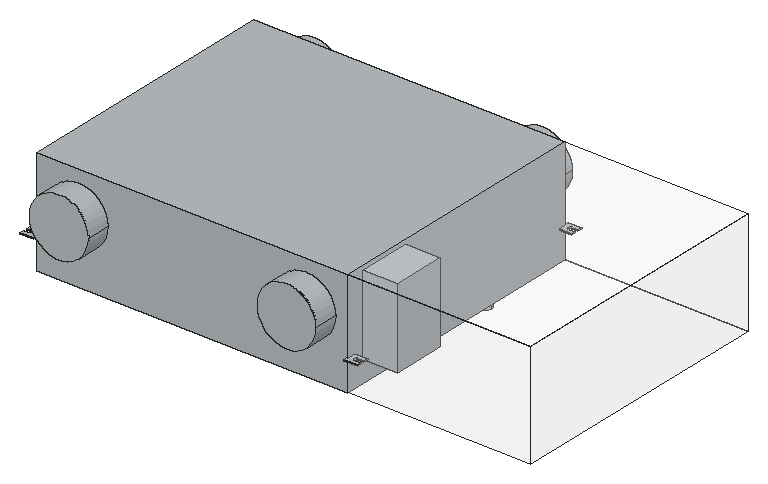
Revit family "lky-50rx_50Hz", category 機械設備, Revit 2019
Family settings
  丸型コネクタ寸法 = 直径を使用
  パーツ タイプ = 標準
  OmniClass 番号 = 23.75.10.34.21
  OmniClass タイトル = Heat Exchangers for Ventilation Air
  作業面ベース = いいえ
  常に垂直 = はい
  ロード時にボイドで切り取り = いいえ
  共有 = いいえ
  部屋計算ポイント = はい
Parameters (values of type "LKY-50RX")
  騒音レベル(dB(A)) = 46
  風量 = 500.0 m³/h
  面風速 = 4.42 m/s
  電源種別 [instance] = "一般"
  電圧 = 100 V
  電動機出力 = 0 W
  集中コントローラ = ""
  運転質量 = 0.00 kg
  連動 [instance] = ""
  質量 = if(製品質量 > 運転質量, 製品質量, 運転質量) * 1.2  # 55.20 kg
  負荷分類 = 3_ファン類
  説明 = "局所用ロスナイ 天井埋込形"
  設計風量 = 0.0 m³/h
  設置方法 = "天井吊(隠ぺい)形"
  記号 [instance] = ""
  製造元 = "MITSIBISHI ELECTRIC"
  製品質量 = 46.00 kg
  製品出荷対象 = "国内"
  製品リリース年月 = "2016/5/20"
  製品グループ = ""
  系統 [instance] = ""
  符号 = "HEU"
  積算_科目 = "1 空気調和設備"
  積算_拾い区分 [instance] = ""
  相 = 1
  盤記号 [instance] = ""
  発停方法 [instance] = "別売リモコン"
  特殊仕様 [instance] = ""
  点検口高さ = -Height  # -346 mm
  点検口離隔 = 150 mm
  点検口_Depth = 450 mm
  点検口 = yes
  火災停止 [instance] = ""
  温度交換効率 = 74.00%
  消費電力 = 267 W
  法定耐用年数 = "15"
  機外静圧_排気 = 140.0 Pa
  機外静圧 = 140.0 Pa
  極数 = 2
  材質 [instance] = ""
  本体マテリアル = 溶融亜鉛めっき鋼板
  操作・制御方式 = ""
  操作・制御スイッチ = ""
  排気量 = 0.0 m³/h
  形式 = "天井埋込ダクト形"
  幹線記号 [instance] = ""
  対象室 [instance] = ""
  実風量 = 0.0 m³/h
  始動方式 [instance] = "直入"
  天吊金具_径 = 6.5 mm
  天吊金具_幅 = 20 mm
  外気量 = 0.0 m³/h
  呼称 = "全熱交換ユニット"
  周波数 = 50 Hz
  天吊金具ピッチ2 = 875 mm
  天吊金具ピッチ1 = 1063 mm
  天吊金具_高さ = 243 mm
  参照している仕様書等のバージョン = ""
  初期抵抗 = 0.0 Pa
  分類コード = "50052504100070"
  分類グループ = ""
  価格 = 372000
  企業コード = "108420"
  付属品_フィルター_還気 = ""
  付属品_フィルター = ""
  付属品 [instance] = ""
  仕様書バージョン = "Version1.0"
  モデル = "LKY-50RX"
  メンテナンススペース = yes
  ドレン管径 = 32 mm
  ドレン管_W = 52 mm
  ドレン管_Height = 44 mm
  ドレン管_D = 254 mm
  コメント [instance] = ""
  Keynote = ""
  エンタルピ交換効率_暖房 = 0.00%
  エンタルピ交換効率_冷房 = 0.00%
  Assembly Code = ""
  Width = 1016 mm
  Version = ""
  Uniclass2015Version = "Systems v1.9"
  Uniclass2015Title = "Thermal wheels"
  Uniclass2015Code = "Pr_60_60_36_88"
  URL = "https://www.mitsubishielectric.co.jp/ldg/wink/ssl/displayProduct.do?pid=266992"
  SpecificationReference = ""
  SpecificationDescription = ""
  Sensor_Width = 50 mm
  Sensor_W = 40 mm
  Sensor_Height = 80 mm
  Sensor_H = 20 mm
  Sensor_Depth = 184 mm
  SAサイズ_D = 192 mm
  Revision = ""
  RAサイズ_D = 192 mm
  ProductInformation = ""
  OmniClassCode = "23-27 23 19 11"
  OAダクト接続口方向_標準 = yes
  OAダクト接続口方向_変更 = not(OAダクト接続口方向_標準)  # no
  OAサイズ_W = 0 mm
  OAサイズ_D = 192 mm
  MIN風量 = 350.0 m³/h
  MIN静圧 = 65.0 Pa
  MID風量 = 500.0 m³/h
  MID静圧 = 120.0 Pa
  MAX風量 = 500.0 m³/h
  MAX静圧 = 140.0 Pa
  IfcTypeProduct = ""
  IfcProduct = ""
  IfcExportType = "ROTARYWHEEL"
  IfcExportAs = "IfcAirToAirHeatRecoveryType"
  Height = 346 mm
  EAダクト接続口方向_変更 = not(EAダクト接続口方向_標準)  # no
  EAダクト接続口方向_標準 = yes
  EAサイズ_W = 0 mm
  EAサイズ_D = 192 mm
  Duct_Pitch = 745 mm
  Duct_Height = 135 mm
  Duct_Depth = 79 mm
  Duct_Change_Center = 124 mm
  Depth = 888 mm
  Clearance Top = Height  # 346 mm
  Clearance Left = 600 mm
  Box_Width = 115 mm
  Box_Height = 262 mm
  Box_H = 12 mm
  Box_Depth = 172 mm
  Box_D = 60 mm
  Author = "MITSUBISHI ELECTRIC"
Reference planes
  plane 1 "中心(正面/背面)": y = 0
  plane 2: z = 0
  plane 3 "中心(左/右)": x = 0
  plane 4: x = -508
  plane 5: x = 508
  plane 6: y = 444
  plane 7: y = -444
  plane 8: z = -346
  plane 9: z = -135
  plane 10: x = -372.5
  plane 11: x = 372.5
  plane 12: y = -523
  plane 13: y = 523
  plane 14: y = 320
  plane 15: x = -587
  plane 16: x = 587
  plane 17: y = -384
  plane 18: y = -212
  plane 19: z = -12
  plane 20: z = -274
  plane 21: x = -531.5
  plane 22: x = 531.5
  plane 23: y = 437.5
  plane 24: y = -437.5
  plane 25: x = -551.5
  plane 26: y = 457.5
  plane 27: y = 417.5
  plane 28: y = -417.5
  plane 29: y = -457.5
  plane 30: z = -5
  plane 31: z = -243
  plane 32: z = -246
  plane 33: x = 551.5
  plane 34: x = 623
  plane 35: x = 1108
  plane 36: x = 658
  plane 37: y = 225
  plane 38: y = -225
  plane 39: x = 456
  plane 40: y = 190
  plane 41: z = -390
Forms (mm)
  Extrusion 1, solid, material "溶融亜鉛めっき鋼板" <- "本体マテリアル", detail levels fine
    sketch origin (0, 0, 0) x (1, 0, 0) y (0, 1, 0)
      loop
        line (-508, 444) -> (-508, -444) -> (508, -444) -> (508, 444) -> (-508, 444)
    from 0 to -346
  Extrusion 2, solid, material "溶融亜鉛めっき鋼板" <- "本体マテリアル", detail levels fine
    sketch origin (510, -445, 0) x (-1, 0, 0) y (0, 0, -1)
      loop
        circle (137.5, 135) r 96
    from -1 to 78
  Extrusion 3, solid, material "溶融亜鉛めっき鋼板" <- "本体マテリアル", detail levels fine
    sketch origin (-508, -444, 0) x (0, 1, 0) y (0, 0, -1)
      loop
        line (232, 12) -> (232, 274) -> (60, 274) -> (60, 12) -> (232, 12)
    from -1131 to -1016
  Extrusion 4, solid, material "溶融亜鉛めっき鋼板" <- "本体マテリアル", detail levels fine
    sketch origin (0, 0, 0) x (1, 0, 0) y (0, 1, 0)
      loop
        line (-551.5, 457.5) -> (-551.5, 444) -> (-531.5, 444)
        arc (-531.5, 444) -> (-525, 437.5) -> (-531.5, 431) r 6.5
        line (-531.5, 431) -> (-551.5, 431) -> (-551.5, 417.5) -> (-508, 417.5) -> (-508, 457.5) -> (-551.5, 457.5)
    from -243 to -246
  Extrusion 5, solid, material "溶融亜鉛めっき鋼板" <- "本体マテリアル", detail levels fine
    sketch origin (0, 0, 0) x (1, 0, 0) y (0, 1, 0)
      loop
        line (-551.5, -457.5) -> (-508, -457.5) -> (-508, -417.5) -> (-551.5, -417.5) -> (-551.5, -431) -> (-531.5, -431)
        arc (-531.5, -431) -> (-525, -437.5) -> (-531.5, -444) r 6.5
        line (-531.5, -444) -> (-551.5, -444) -> (-551.5, -457.5)
    from -243 to -246
  Extrusion 6, solid, material "溶融亜鉛めっき鋼板" <- "本体マテリアル", detail levels fine
    sketch origin (0, 0, 0) x (-1, 0, 0) y (0, -1, 0)
      loop
        line (-551.5, 457.5) -> (-551.5, 444) -> (-531.5, 444)
        arc (-531.5, 444) -> (-525, 437.5) -> (-531.5, 431) r 6.5
        line (-531.5, 431) -> (-551.5, 431) -> (-551.5, 417.5) -> (-508, 417.5) -> (-508, 457.5) -> (-551.5, 457.5)
    from -243 to -246
  Extrusion 7, solid, material "溶融亜鉛めっき鋼板" <- "本体マテリアル", detail levels fine
    sketch origin (0, 0, 0) x (-1, 0, 0) y (0, -1, 0)
      loop
        line (-551.5, -457.5) -> (-508, -457.5) -> (-508, -417.5) -> (-551.5, -417.5) -> (-551.5, -431) -> (-531.5, -431)
        arc (-531.5, -431) -> (-525, -437.5) -> (-531.5, -444) r 6.5
        line (-531.5, -444) -> (-551.5, -444) -> (-551.5, -457.5)
    from -243 to -246
  Extrusion 8, solid, material "溶融亜鉛めっき鋼板" <- "本体マテリアル", visible <- "OAダクト接続口方向_標準", detail levels fine
    sketch origin (510, 445, 0) x (-1, 0, 0) y (0, 0, 1)
      loop
        circle (137.5, -135) r 96
    from -1 to 78
  Extrusion 9, solid, material "溶融亜鉛めっき鋼板" <- "本体マテリアル", visible <- "EAダクト接続口方向_標準", detail levels fine
    sketch origin (-510, 445, 0) x (1, 0, 0) y (0, 0, -1)
      loop
        circle (137.5, 135) r 96
    from -1 to 78
  Extrusion 10, solid, material "溶融亜鉛めっき鋼板" <- "本体マテリアル", detail levels fine
    sketch origin (-510, -445, 0) x (1, 0, 0) y (0, 0, 1)
      loop
        circle (137.5, -135) r 96
    from -1 to 78
  Extrusion 11, solid, material "溶融亜鉛めっき鋼板" <- "本体マテリアル", visible <- "OAダクト接続口方向_変更", detail levels fine
    sketch origin (0, 0, 0) x (0, 1, 0) y (0, 0, 1)
      loop
        circle (320, -135) r 96
    from 508 to 587
  Extrusion 12, solid, material "溶融亜鉛めっき鋼板" <- "本体マテリアル", visible <- "EAダクト接続口方向_変更", detail levels fine
    sketch origin (0, 0, 0) x (0, 1, 0) y (0, 0, -1)
      loop
        circle (320, 135) r 96
    from 508 to 587
  Extrusion 13, solid, material "溶融亜鉛めっき鋼板"
    sketch origin (0, 0, 0) x (1, 0, 0) y (0, 1, 0)
      loop
        circle (456, 190) r 16
    from -390 to -346
Lines and regions (mm)
  Masking region 1, detail levels coarse+medium
    outline origin (1326.5, 29, 0) x (1, 0, 0) y (0, 1, 0)
      loop
        line (-1834.5, 415) -> (-1834.5, -473) -> (-818.5, -473) -> (-818.5, 415) -> (-1834.5, 415)
  symbolic lines, detail levels coarse+medium
    curve 1: line (0, 444, 0) -> (-508, 0, 0)
    curve 2: line (-508, 0, 0) -> (0, -444, 0)
    curve 3: line (0, -444, 0) -> (508, 0, 0)
    curve 4: line (508, 0, 0) -> (0, 444, 0)
Dimensions and locks
  equal spacing: plane 4, plane 3 "中心(左/右)", plane 5
  "Width": plane 4 to plane 5
  equal spacing: plane 6, plane 1 "中心(正面/背面)", plane 7
  "Depth": plane 6 to plane 7
  "Height": level to plane 8
  "Duct_Height": level to plane 9
  equal spacing: plane 11, plane 3 "中心(左/右)", plane 10
  "Duct_Pitch": plane 11 to plane 10
  "Duct_Depth": plane 13 to plane 6
  "Duct_Depth": plane 7 to plane 12
  "Duct_Change_Center": plane 6 to plane 14
  "Duct_Depth": plane 5 to plane 16
  "Duct_Depth": plane 15 to plane 4
  "Clearance Top": nested 1 to plane 8
  "Box_H": level to plane 19
  "Box_Height": plane 19 to plane 20
  "Box_D": plane 17 to plane 7
  "Box_Depth": plane 18 to plane 17
  equal spacing: plane 21, plane 3 "中心(左/右)", plane 22
  "天吊金具ピッチ1": plane 21 to plane 22
  equal spacing: plane 23, plane 1 "中心(正面/背面)", plane 24
  "天吊金具ピッチ2": plane 23 to plane 24
  equal spacing: plane 26, plane 23, plane 27
  locked: plane 26 to plane 27 at 40
  "天吊金具_幅": plane 25 to plane 21
  "天吊金具_高さ": level to plane 31
  locked: plane 31 to plane 32 at 3
  equal spacing: plane 28, plane 24, plane 29
  locked: plane 28 to plane 29 at 40
  "天吊金具_幅": plane 22 to plane 33
  "Box_Width": plane 5 to plane 34
  "Clearance Left": plane 5 to plane 35
  "点検口離隔": plane 5 to plane 36
  plane 37 to plane 38 = 450 mm
  "点検口_Depth": plane 37 to plane 38
  "ドレン管_W": plane 39 to plane 5
  "天吊金具_径": Extrusion 4 sketch curve to plane 23
  "天吊金具_径": Extrusion 7 sketch curve to plane 23
  "天吊金具_径": plane 24 to Extrusion 6 sketch curve
  "天吊金具_径": Extrusion 5 sketch curve to plane 24
  "ドレン管_Height": plane 8 to plane 41
  "ドレン管_D": plane 6 to plane 40
  "RAサイズ_D": diameter of Extrusion 2 sketch curve
  "天吊金具_径": radius of Extrusion 5 sketch curve
  "天吊金具_径": radius of Extrusion 6 sketch curve
  "OAサイズ_D": diameter of Extrusion 8 sketch curve
  "EAサイズ_D": diameter of Extrusion 9 sketch curve
  "SAサイズ_D": diameter of Extrusion 10 sketch curve
  "OAサイズ_D": diameter of Extrusion 11 sketch curve
  "EAサイズ_D": diameter of Extrusion 12 sketch curve
  "ドレン管径": diameter of Extrusion 13 sketch curve
  "天吊金具_径": radius of Extrusion 4 sketch curve
  "天吊金具_径": radius of Extrusion 7 sketch curve
  aligned and locked: level to plane 2
  aligned and locked: Extrusion 1 to plane 8
  aligned and locked: plane 7 to Extrusion 2
  aligned and locked: Extrusion 2 to plane 12
  aligned and locked: nested 1 to plane 6
  aligned and locked: nested 1 to plane 7
  aligned and locked: plane 2 to nested 1
  aligned and locked: nested 1 to plane 8
  aligned and locked: Masking region 1 to plane 4
  aligned and locked: plane 5 to Masking region 1
  aligned and locked: plane 6 to Masking region 1
  aligned and locked: Masking region 1 to plane 7
  aligned and locked: plane 22 to nested 2
  aligned and locked: plane 21 to nested 2
  aligned and locked: nested 2 to plane 24
  aligned and locked: plane 23 to nested 2
  aligned and locked: Extrusion 3 to plane 18
  aligned and locked: Extrusion 3 to plane 20
  aligned and locked: plane 19 to Extrusion 3
  aligned and locked: plane 17 to Extrusion 3
  aligned and locked: plane 4 to Extrusion 4
  aligned and locked: Extrusion 4 to plane 25  (x2)
  aligned and locked: plane 26 to Extrusion 4
  aligned and locked: Extrusion 4 to plane 31
  aligned and locked: Extrusion 4 to plane 32
  aligned and locked: plane 4 to Extrusion 5
  aligned and locked: plane 28 to Extrusion 5
  aligned and locked: Extrusion 5 to plane 29
  aligned and locked: Extrusion 5 to plane 25  (x2)
  aligned and locked: Extrusion 5 to Extrusion 4  (x2)
  aligned and locked: Extrusion 7 to plane 33  (x2)
  aligned and locked: Extrusion 7 to plane 27
  aligned and locked: plane 26 to Extrusion 7
  aligned and locked: Extrusion 6 to plane 33
  aligned and locked: Extrusion 6 to plane 29
  aligned and locked: Extrusion 6 to plane 5
  aligned and locked: plane 28 to Extrusion 6
  aligned and locked: Extrusion 6 to plane 32
  aligned and locked: plane 31 to Extrusion 6
  aligned and locked: Extrusion 7 to plane 32
  aligned and locked: plane 31 to Extrusion 7
  aligned and locked: plane 13 to Extrusion 8
  aligned and locked: Extrusion 8 to plane 6
  aligned and locked: plane 13 to Extrusion 9
  aligned and locked: Extrusion 9 to plane 6
  aligned and locked: Extrusion 10 to plane 12
  aligned and locked: plane 7 to Extrusion 10
  aligned and locked: plane 16 to Extrusion 11
  aligned and locked: Extrusion 11 to plane 5
  aligned and locked: plane 4 to Extrusion 12
  aligned and locked: Extrusion 12 to plane 15
  aligned and locked: Extrusion 3 to plane 34
  aligned and locked: Extrusion 3 to plane 5
  aligned and locked: nested 3 to plane 35
  aligned and locked: nested 3 to plane 36
  aligned and locked: nested 3 to plane 38
  aligned and locked: plane 37 to nested 3
  aligned and locked: nested 1 to plane 35
  aligned and locked: plane 5 to nested 1
  aligned and locked: Extrusion 13 to plane 41
  aligned and locked: Extrusion 13 to Extrusion 1
  aligned and locked: Extrusion 1 to plane 4
Automatic sketch dimensions
  Extrusion 2 sketch curve to plane 9 = 0 mm
  Extrusion 2 sketch curve to plane 11 = 0 mm
  Extrusion 8 sketch curve to plane 9 = 0 mm
  Extrusion 8 sketch curve to plane 11 = 0 mm
  Extrusion 9 sketch curve to plane 9 = 0 mm
  Extrusion 9 sketch curve to plane 10 = 0 mm
  Extrusion 10 sketch curve to plane 9 = 0 mm
  Extrusion 10 sketch curve to plane 10 = 0 mm
  Extrusion 11 sketch curve to plane 9 = 0 mm
  Extrusion 11 sketch curve to plane 14 = 0 mm
  Extrusion 12 sketch curve to plane 9 = 0 mm
  Extrusion 12 sketch curve to plane 14 = 0 mm
  plane 1 "中心(正面/背面)" to curve 1 = 0 mm
  curve 1 to plane 4 = 0 mm
  curve 2 to plane 3 "中心(左/右)" = 0 mm
  curve 4 to plane 3 "中心(左/右)" = 0 mm
  plane 1 "中心(正面/背面)" to curve 4 = 0 mm
  curve 4 to plane 5 = 0 mm
  curve 2 to plane 7 = 0 mm
  curve 4 to plane 6 = 0 mm
  plane 4 to Extrusion 1 sketch curve = 0 mm
  Extrusion 1 sketch curve to plane 5 = 0 mm
  Extrusion 1 sketch curve to plane 7 = 0 mm
  Extrusion 1 sketch curve to plane 6 = 0 mm
  Extrusion 1 to Extrusion 3 sketch curve = 12 mm
  Extrusion 3 sketch curve to Extrusion 1 = 60 mm
  Extrusion 1 to Extrusion 3 sketch curve = 72 mm
  Extrusion 3 sketch curve to Extrusion 3 sketch curve = 172 mm
  Masking region 1 sketch curve to plane 4 = 0 mm
  Masking region 1 sketch curve to plane 5 = 0 mm
  Masking region 1 sketch curve to plane 7 = 0 mm
  Masking region 1 sketch curve to plane 6 = 0 mm
  Extrusion 4 sketch curve to plane 25 = 0 mm  (x2)
  Extrusion 4 sketch curve to plane 21 = 0 mm
  Extrusion 4 sketch curve to plane 4 = 0 mm
  Extrusion 4 sketch curve to plane 27 = 0 mm
  Extrusion 4 sketch curve to plane 26 = 0 mm
  Extrusion 5 sketch curve to plane 25 = 0 mm  (x2)
  Extrusion 5 sketch curve to plane 21 = 0 mm
  Extrusion 5 sketch curve to plane 4 = 0 mm
  Extrusion 5 sketch curve to plane 28 = 0 mm
  Extrusion 5 sketch curve to plane 29 = 0 mm
  Extrusion 6 sketch curve to plane 29 = 0 mm
  Extrusion 6 sketch curve to plane 33 = 0 mm  (x2)
  Extrusion 6 sketch curve to plane 22 = 0 mm
  Extrusion 6 sketch curve to plane 5 = 0 mm
  Extrusion 6 sketch curve to plane 28 = 0 mm
  Extrusion 7 sketch curve to plane 26 = 0 mm
  Extrusion 7 sketch curve to plane 33 = 0 mm  (x2)
  Extrusion 7 sketch curve to plane 22 = 0 mm
  Extrusion 7 sketch curve to plane 5 = 0 mm
  Extrusion 7 sketch curve to plane 27 = 0 mm
  Extrusion 13 sketch curve to plane 39 = 0 mm
  Extrusion 13 sketch curve to plane 40 = 0 mm
Nested families
  nested 1: "メンテナンススペース" at (808, 0, -173), visible <- "メンテナンススペース", type "メンテナンススペース"
    with Width 600 mm, Height 346 mm, Depth 888 mm
  nested 2: "固定点" at (-531.5, -437.5, 0), type "固定点"
    with W 1063 mm, D 875 mm
  nested 3: "点検口設置範囲" at (883, 0, -346), built-in parameter 1001364 <- "点検口高さ", visible <- "点検口", type "点検口設置範囲"
    with Width 450 mm, Depth 450 mm
Connectors
  hvac at (372.5, -523, -135), driven by "RAサイズ_D", driven by "機外静圧", driven by "風量"
    settings: on Extrusion 2, index 2, duct flow 500.0 m³/h, flow factor 0, pres drop 140.0 Pa, loss coef 0, conn angle 0.00°, conn width 304.8 mm, conn height 304.8 mm, conn diameter 192 mm, duct sys type 1, conn prof type 0, flow config 0, flow direction 2, loss method 4, conn ref index -1, conn util no, is conn primary yes, conn desc ""
  electrical at (565.5, -384, -143), driven by "負荷分類", driven by "相", driven by "電圧", driven by "消費電力"
    settings: on Extrusion 3, index 7, voltage 100 V, apparent load 267 VA, apparent load phase1 0 VA, apparent load phase2 0 VA, apparent load phase3 0 VA, power factor 1, load classification "3_ファン類", number of poles 1, system type 30, power factor state 1, is connector primary yes, connector utility no, sub classification motor no, connector description ""
  hvac at (372.5, 523, -135), driven by "EAサイズ_D", driven by "排気量", driven by "機外静圧_排気"
    settings: on Extrusion 8, index 8, duct flow 0.0 m³/h, flow factor 0, pres drop 140.0 Pa, loss coef 0, conn angle 0.00°, conn width 304.8 mm, conn height 304.8 mm, conn diameter 192 mm, duct sys type 4, conn prof type 0, flow config 0, flow direction 1, loss method 4, conn ref index -1, conn util no, is conn primary no, conn desc ""
  hvac at (-372.5, 523, -135), driven by "OAサイズ_D", driven by "外気量", driven by "機外静圧"
    settings: on Extrusion 9, index 9, duct flow 0.0 m³/h, flow factor 0, pres drop 140.0 Pa, loss coef 0, conn angle 0.00°, conn width 304.8 mm, conn height 304.8 mm, conn diameter 192 mm, duct sys type 3, conn prof type 0, flow config 0, flow direction 2, loss method 4, conn ref index -1, conn util no, is conn primary no, conn desc ""
  hvac at (-372.5, -523, -135), driven by "SAサイズ_D", driven by "風量", driven by "機外静圧"
    settings: on Extrusion 10, index 10, duct flow 500.0 m³/h, flow factor 0, pres drop 140.0 Pa, loss coef 0, conn angle 0.00°, conn width 304.8 mm, conn height 304.8 mm, conn diameter 192 mm, duct sys type 2, conn prof type 0, flow config 0, flow direction 1, loss method 4, conn ref index -1, conn util no, is conn primary no, conn desc ""
  hvac at (587, 320, -135), driven by "EAサイズ_D", driven by "機外静圧_排気", driven by "排気量"
    settings: on Extrusion 11, index 11, duct flow 0.0 m³/h, flow factor 0, pres drop 140.0 Pa, loss coef 0, conn angle 0.00°, conn width 304.8 mm, conn height 304.8 mm, conn diameter 192 mm, duct sys type 4, conn prof type 0, flow config 0, flow direction 1, loss method 4, conn ref index -1, conn util no, is conn primary no, conn desc ""
  hvac at (-587, 320, -135), driven by "EAサイズ_D", driven by "機外静圧", driven by "外気量"
    settings: on Extrusion 12, index 12, duct flow 0.0 m³/h, flow factor 0, pres drop 140.0 Pa, loss coef 0, conn angle 0.00°, conn width 304.8 mm, conn height 304.8 mm, conn diameter 192 mm, duct sys type 3, conn prof type 0, flow config 0, flow direction 2, loss method 4, conn ref index -1, conn util no, is conn primary no, conn desc ""
  piping at (456, 190, -390), diameter 32, driven by "ドレン管径"
    settings: on Extrusion 13, index 13, connector inside diameter 609.6 mm, connector length 0 mm, flow factor 0, pipe flow 0.0 L/s, pressure drop 0.0 Pa, fitting loss kfactor 0, connector angle 0.00°, fixture units 0, engagement length 0 mm, angle of deflection 0.00°, flow configuration 0, flow direction 2, fitting loss method 4, system type 16, joint type 0, gender type 0, connector reference index -1, connector utility 0, adjustable connector no, is connector primary yes, connector description ""
Definition of nested family "メンテナンススペース"
  Parameters (values of type "メンテナンススペース")
    Width [instance] = 500 mm
    Height [instance] = 500 mm
    Depth [instance] = 500 mm
  Reference planes
    plane 1 "中心(正面/背面)": y = 0
    plane 2: z = 0
    plane 3 "中心(左/右)": x = 0
    plane 4: y = -250
    plane 5: x = 250
    plane 6: y = 250
    plane 7: x = -250
    plane 8: z = 250
    plane 9: z = -250
  Forms (mm)
    Extrusion 1, solid
      sketch origin (-638.939, 0, 72.39) x (1, 0, 0) y (0, 1, 0)
        loop
          line (388.939, 250) -> (388.939, -250) -> (888.939, -250) -> (888.939, 250) -> (388.939, 250)
      from -322.39 to 177.61
  Lines and regions (mm)
    symbolic lines
      curve 1: line (-250, 0, 250) -> (250, 0, 250)
      curve 2: line (-250, 0, -250) -> (-250, 0, 250)
      curve 3: line (250, 0, -250) -> (-250, 0, -250)
      curve 4: line (250, 0, 250) -> (250, 0, -250)
      curve 5: line (0, -250, 250) -> (0, 250, 250)
      curve 6: line (0, -250, -250) -> (0, -250, 250)
      curve 7: line (0, 250, -250) -> (0, -250, -250)
      curve 8: line (0, 250, 250) -> (0, 250, -250)
      curve 9: line (-250, 250, 0) -> (250, 250, 0)
      curve 10: line (-250, -250, 0) -> (-250, 250, 0)
      curve 11: line (250, -250, 0) -> (-250, -250, 0)
      curve 12: line (250, 250, 0) -> (250, -250, 0)
  Dimensions and locks
    equal spacing: plane 7, plane 3 "中心(左/右)", plane 5
    equal spacing: plane 4, plane 1 "中心(正面/背面)", plane 6
    "Depth": plane 4 to plane 6
    "Width": plane 7 to plane 5
    equal spacing: plane 8, plane 2, plane 9
    "Height": plane 8 to plane 9
    aligned and locked: plane 9 to curve 3
    aligned and locked: plane 7 to curve 2
    aligned and locked: curve 4 to plane 5
    aligned and locked: plane 5 to Extrusion 1
    aligned and locked: Extrusion 1 to plane 7
    aligned and locked: Extrusion 1 to plane 9
    aligned and locked: plane 8 to Extrusion 1
    aligned and locked: plane 9 to curve 7
  Automatic sketch dimensions
    plane 4 to Extrusion 1 sketch curve = 0 mm
    Extrusion 1 sketch curve to plane 7 = 0 mm
    Extrusion 1 sketch curve to plane 5 = 0 mm
    plane 6 to Extrusion 1 sketch curve = 0 mm
    curve 2 to plane 8 = 0 mm
    plane 4 to curve 11 = 0 mm
    curve 11 to plane 7 = 0 mm
    curve 11 to plane 5 = 0 mm
    plane 6 to curve 10 = 0 mm
    curve 7 to plane 4 = 0 mm
    curve 7 to plane 6 = 0 mm
    curve 6 to plane 8 = 0 mm
Definition of nested family "固定点"
  Parameters (values of type "固定点")
    中心円 = 20 mm
    W [instance] = 1000 mm
    D [instance] = 1000 mm
  Reference planes
    plane 1 "中心(正面/背面)": y = 0
    plane 2: z = 0
    plane 3 "中心(左/右)": x = 0
    plane 4: x = 1000
    plane 5: y = 1000
  Lines and regions (mm)
    symbolic lines, detail levels fine
      curve 1: circle (0, 1000, 0) r 10 normal (0, 0, 1)
      curve 2: circle (0, 0, 0) r 10 normal (0, 0, 1)
      curve 3: circle (1000, 1000, 0) r 10 normal (0, 0, 1)
      curve 4: circle (1000, 0, 0) r 10 normal (0, 0, 1)
      curve 5: line (-200, 1000, 0) -> (1200, 1000, 0)
      curve 6: line (-200, 0, 0) -> (1200, 0, 0)
      curve 7: line (0, 1200, 0) -> (0, -200, 0)
      curve 8: line (1000, 1200, 0) -> (1000, -200, 0)
  Dimensions and locks
    "W": plane 3 "中心(左/右)" to plane 4
    "D": plane 1 "中心(正面/背面)" to plane 5
    "中心円": diameter of curve 1
    "中心円": diameter of curve 2
    "中心円": diameter of curve 3
    "中心円": diameter of curve 4
    aligned and locked: level to plane 2
    aligned and locked: plane 5 to curve 1
    aligned and locked: plane 3 "中心(左/右)" to curve 1
    aligned and locked: plane 3 "中心(左/右)" to curve 2
    aligned and locked: plane 1 "中心(正面/背面)" to curve 2
    aligned and locked: plane 4 to curve 3
    aligned and locked: plane 5 to curve 3
    aligned and locked: plane 1 "中心(正面/背面)" to curve 4
    aligned and locked: plane 4 to curve 4
    aligned and locked: plane 1 "中心(正面/背面)" to curve 6
    aligned and locked: curve 7 to plane 3 "中心(左/右)"
    aligned and locked: curve 8 to plane 4
  Automatic sketch dimensions
    curve 5 to plane 5 = 0 mm
    curve 6 to plane 3 "中心(左/右)" = 200 mm
    curve 5 to plane 3 "中心(左/右)" = 200 mm
    curve 4 to curve 6 = 200 mm
    curve 3 to curve 5 = 200 mm
    plane 1 "中心(正面/背面)" to curve 8 = 200 mm
    plane 1 "中心(正面/背面)" to curve 7 = 200 mm
    curve 3 to curve 8 = 200 mm
    curve 1 to curve 7 = 200 mm
Definition of nested family "点検口設置範囲"
  Parameters (values of type "点検口設置範囲")
    Width [instance] = 1000 mm
    Depth [instance] = 700 mm
  Reference planes
    plane 1 "中心(正面/背面)": y = 0
    plane 2: z = 0
    plane 3 "中心(左/右)": x = 0
    plane 4: x = -500
    plane 5: x = 500
    plane 6: y = -350
    plane 7: y = 350
  Lines and regions (mm)
    model lines
      curve 1: line (-500, 350, 0) -> (500, 350, 0)
      curve 2: line (-500, -350, 0) -> (-500, 350, 0)
      curve 3: line (500, -350, 0) -> (-500, -350, 0)
      curve 4: line (500, 350, 0) -> (500, -350, 0)
  Dimensions and locks
    "Depth": plane 7 to plane 6
    "Width": plane 4 to plane 5
    equal spacing: plane 7, plane 1 "中心(正面/背面)", plane 6
    equal spacing: plane 4, plane 3 "中心(左/右)", plane 5
    aligned and locked: level to plane 2
    aligned and locked: plane 4 to curve 2
    aligned and locked: curve 1 to plane 7
    aligned and locked: curve 4 to plane 5
    aligned and locked: plane 6 to curve 3
